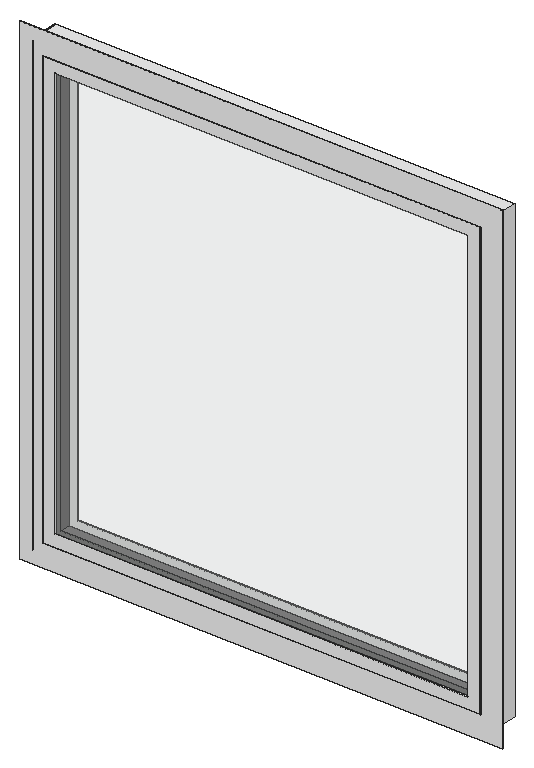
Revit family "Casement_34_C_Top_Hung_Standard", category Windows, host Wall, Revit 2014
Parameters (values of type "Casement_Sash_DG")
  Width Sash [instance] = 30 mm
  Width Sash Inner = 15 mm
  Width Bead = 15 mm
  Top Hung [instance] = yes
  Side Hung Right [instance] = yes
  Side Hung Left [instance] = yes
  Sash Opening Width [instance] = 600 mm
  Sash Opening Height [instance] = 600.312 mm
  Sash Lip = 15 mm
  Glazing Material [instance] = Glass
  DG Start Piece 2 [instance] = DG End Piece 1 + DG Gasket Thickness  # 25 mm
  DG Start Peice 1 [instance] = (Depth Sash - (2 * DG Glazing Thickness) - DG Gasket Thickness) / 2  # 6.6 mm
  Glazing Offset = 5 mm
  DG Glazing Thickness [instance] = 6.4 mm
  DG Gasket Thickness = 12 mm  # constant formula
  DG Gasket Material [instance] = Double Glazing Gasket Material
  DG End Piece 2 [instance] = DG Start Piece 2 + DG Glazing Thickness  # 31.4 mm
  DG End Piece 1 [instance] = DG Start Peice 1 + DG Glazing Thickness  # 13 mm
  Depth Sash [instance] = 38 mm
  Center Vertical Sash [instance] = Sash Opening Height / 2  # 300.156 mm
  Center Horizontal Sash [instance] = Sash Opening Width / 2  # 300 mm
  Bottom Hung [instance] = yes
  Bead Offset = 15 mm
  Aluminium Thickness = 1 mm
  Aluminium Material [instance] = White Powder Coated Aluminium
Reference planes
  plane 1 "Center (Front/Back)": y = 0
  plane 2: z = 0
  plane 3 "Center (Left/Right)": x = 0
Forms (mm)
  Sweep 1, solid, material "White Powder Coated Aluminium" <- "Aluminium Material"
    path origin (16.177, 0, 121.331) x (1, 0, 0) y (0, 0, 1)
      loop
        line (0, 0) -> (600, 0) -> (600, 600.312) -> (0, 600.312) -> (0, 0)
    profile origin (316.177, 0, 121.331) x (0, 0, 1) y (0, -1, 0)
      loop
        line (0, 0) -> (30, 0) -> (30, 1) -> (15, 1) -> (15, 38) -> (-15, 38) -> (-15, 37) -> (0, 37) -> (0, 0)
      loop
        line (14, 1) -> (14, 37) -> (1, 37) -> (1, 1) -> (14, 1)
  Sweep 2, solid, material "White Powder Coated Aluminium" <- "Aluminium Material"
    path origin (0, 0, 0) x (1, 0, 0) y (0, 0, 1)
      loop
        line (31.177, 706.643) -> (31.177, 136.331) -> (601.177, 136.331) -> (601.177, 706.643) -> (31.177, 706.643)
    profile origin (316.177, 0, 706.643) x (0, 0, 1) y (0, -1, 0)
      loop
        line (0, 37) -> (0, 38) -> (-15, 38) -> (-15, 37) -> (0, 37)
  Extrusion 3, solid, material "Glass" <- "Glazing Material"
    sketch origin (0, 0, 0) x (1, 0, 0) y (0, 0, 1)
      loop
        line (36.177, 701.643) -> (36.177, 141.331) -> (596.177, 141.331) -> (596.177, 701.643) -> (36.177, 701.643)
    from 6.6 <- "DG Start Peice 1" to 13 <- "DG End Piece 1"
  Extrusion 4, solid, material "Glass" <- "Glazing Material"
    sketch origin (0, 0, 0) x (1, 0, 0) y (0, 0, 1)
      loop
        line (36.177, 701.643) -> (36.177, 141.331) -> (596.177, 141.331) -> (596.177, 701.643) -> (36.177, 701.643)
    from 31.4 <- "DG End Piece 2" to 25 <- "DG Start Piece 2"
  Sweep 5, solid, material "Double Glazing Gasket Material" <- "DG Gasket Material"
    path origin (0, -13, 0) x (1, 0, 0) y (0, 0, 1)
      loop
        line (36.177, 701.643) -> (36.177, 141.331) -> (596.177, 141.331) -> (596.177, 701.643) -> (36.177, 701.643)
    profile origin (316.177, -13, 701.643) x (0, 0, 1) y (0, -1, 0)
      loop
        line (0, 0) -> (0, 12) -> (-7.96, 12) -> (-7.96, 0) -> (0, 0)
Lines and regions (mm)
  model lines
    curve 1: line (1.177, -38, 736.643) -> (31.177, -38, 706.643)
    curve 2: line (601.177, -38, 706.643) -> (631.177, -38, 736.643)
    curve 3: line (601.177, -38, 136.331) -> (631.177, -38, 106.331)
    curve 4: line (1.177, -38, 106.331) -> (31.177, -38, 136.331)
    curve 5: line (631.177, -37, 736.643) -> (616.177, -37, 721.643)
    curve 6: line (1.177, -37, 736.643) -> (16.177, -37, 721.643)
    curve 7: line (1.177, -37, 106.331) -> (16.177, -37, 121.331)
    curve 8: line (631.177, -37, 106.331) -> (616.177, -37, 121.331)
    curve 9: line (616.177, 0, 121.331) -> (586.177, 0, 151.331)
    curve 10: line (46.177, 0, 151.331) -> (16.177, 0, 121.331)
    curve 11: line (616.177, 0, 721.643) -> (586.177, 0, 691.643)
    curve 12: line (46.177, 0, 691.643) -> (16.177, 0, 721.643)
    curve 13: line (31.177, -38, 691.643) -> (46.177, -38, 691.643)
    curve 14: line (586.177, -38, 691.643) -> (601.177, -38, 691.643)
    curve 15: line (586.177, -38, 151.331) -> (601.177, -38, 151.331)
    curve 16: line (31.177, -38, 151.331) -> (46.177, -38, 151.331)
  model lines, style "GenericModelHiddenLines", visible <- "Top Hung"
    curve 17: line (46.386, -31.4, 690.914) -> (316.177, -31.4, 151.331)
    curve 18: line (316.177, -31.4, 151.331) -> (586.177, -31.4, 691.331)
  model lines, style "GenericModelHiddenLines", visible <- "Bottom Hung"
    curve 19: line (46.177, -31.4, 151.331) -> (316.177, -31.4, 691.331)
    curve 20: line (316.177, -31.4, 691.331) -> (586.177, -31.4, 151.331)
  model lines, style "GenericModelHiddenLines", visible <- "Side Hung Left"
    curve 21: line (46.386, -31.4, 690.914) -> (585.24, -31.4, 421.487)
    curve 22: line (585.24, -31.4, 421.487) -> (46.177, -31.4, 151.331)
  model lines, style "GenericModelHiddenLines", visible <- "Side Hung Right"
    curve 23: line (586.177, -31.4, 691.331) -> (46.177, -31.4, 421.487)
    curve 24: line (46.177, -31.4, 421.487) -> (586.177, -31.4, 151.331)
Dimensions and locks
  "Aluminium Thickness": Sweep 1 sketch curve to Sweep 1 sketch curve  (x4)
  "Depth Sash": Sweep 1 sketch curve to Sweep 1 sketch curve
  "Sash Opening Width": Sweep 1 to Sweep 1
  "Sash Opening Height": Sweep 1 to Sweep 1
  "Width Sash": Sweep 1 sketch curve to Sweep 1 sketch curve  (x2)
  "Width Sash Inner": Sweep 1 sketch curve to Sweep 1 sketch curve
  "Sash Lip": Sweep 1 sketch curve to Sweep 1 sketch curve
  "Aluminium Thickness": Sweep 1 to Sweep 2 sketch curve
  "Glazing Offset": Sweep 2 to Extrusion 3 sketch curve  (x3)
  "Glazing Offset": Extrusion 3 sketch curve to Sweep 2
  Sweep 1 to Sweep 1 = 1 mm
  "Aluminium Thickness": Sweep 2 sketch curve to Sweep 2 sketch curve
  "Width Bead": Sweep 2 sketch curve to Sweep 2 sketch curve
  locked: Sweep 5 sketch curve to Sweep 5 sketch curve at 7.96
  "Center Horizontal Sash": Sweep 1 to curve 18
  "Center Horizontal Sash": Sweep 1 to curve 20
  "Center Vertical Sash": Sweep 1 to curve 22
  "Center Vertical Sash": Sweep 1 to curve 24
  aligned and locked: level to plane 2
  aligned and locked: Sweep 1 sketch curve to Sweep 1 sketch curve  (x2)
  aligned and locked: Sweep 2 sketch curve to Sweep 1  (x5)
  aligned and locked: Extrusion 4 sketch curve to Extrusion 3  (x4)
  aligned and locked: Sweep 5 sketch curve to Extrusion 3  (x5)
  aligned and locked: Extrusion 3 to Sweep 5 sketch curve
Automatic sketch dimensions
  plane 3 "Center (Left/Right)" to Sweep 1 sketch curve = 16.177 mm
  level to Sweep 1 sketch curve = 121.331 mm
  plane 3 "Center (Left/Right)" to Sweep 1 sketch curve = 616.177 mm
  level to Sweep 1 sketch curve = 721.643 mm
  profile plane to Sweep 5 sketch curve = 12 mm
  curve 7 to Sweep 1 = 0 mm  (x4)
  curve 6 to Sweep 1 = 0 mm  (x3)
  Sweep 1 to curve 6 = 0 mm
  curve 5 to Sweep 1 = 0 mm  (x3)
  curve 8 to Sweep 1 = 0 mm  (x4)
  Sweep 1 to curve 5 = 0 mm
  curve 16 to Sweep 2 = 0 mm  (x3)
  curve 13 to Sweep 2 = 0 mm  (x3)
  curve 15 to Sweep 2 = 0 mm
  Sweep 2 to curve 15 = 0 mm  (x2)
  curve 14 to Sweep 2 = 0 mm  (x2)
  Sweep 2 to curve 14 = 0 mm
  curve 1 to Sweep 1 = 0 mm  (x4)
  curve 4 to Sweep 1 = 0 mm  (x3)
  Sweep 1 to curve 4 = 0 mm
  curve 3 to Sweep 1 = 0 mm  (x3)
  curve 2 to Sweep 1 = 0 mm  (x4)
  Sweep 1 to curve 3 = 0 mm
  curve 10 to Sweep 1 = 0 mm  (x4)
  curve 12 to Sweep 1 = 0 mm  (x3)
  Sweep 1 to curve 12 = 0 mm
  curve 9 to Sweep 1 = 0 mm  (x4)
  curve 11 to Sweep 1 = 0 mm  (x3)
  Sweep 1 to curve 11 = 0 mm
  Sweep 1 sketch curve to plane 1 "Center (Front/Back)" = 0 mm
  profile plane to Sweep 1 sketch curve = 0 mm
  curve 21 to Extrusion 4 = 10.208 mm
  curve 19 to Extrusion 4 = 10 mm
  curve 23 to Extrusion 4 = 10 mm  (x2)
  curve 22 to Extrusion 4 = 10.937 mm
  curve 20 to Extrusion 4 = 10 mm
  curve 24 to Extrusion 4 = 10 mm
  curve 22 to Extrusion 4 = 10 mm
  curve 18 to Extrusion 4 = 10 mm
  curve 21 to Extrusion 4 = 10.729 mm
  curve 19 to Extrusion 4 = 10.312 mm
  curve 18 to Extrusion 4 = 10.312 mm
Types in the file's own list only (6): name | Windload Design | Width Sash Right Opening | Width Sash Right | Width Sash Left Opening | Width Sash Left | Width Profile | Width Fixed Panel Center | Width | URL | Offset Window Exterior | Offset Mullion Right Side | Max System DG Unit Thickness | Max System DG One Piece Thickness | Max Pane Area | Limit Fixed Pane Width Max | Intruderprufe U Value | Intruderprufe SHGC Value | Intruderprufe LowE U Value | Intruderprufe LowE SHGC Value | Height Sash Opening | Height | Energy Advantage U Value | Energy Advantage SHGC Value | DG Thickness Calc | Custom Window Width | Custom Window Height | Window Exterior Offset | Custom Windload | Custom Sash Right Width | Custom Sash Left Width | Sash Height | Sash Spacing Inner | Sash Overlap | Sash Center Offset | SG Gasket Thickness | Offset Sash Side | Offset Sash Top | Offset Fixed Panel Left | Offset Mullion Left Side | Offset Bead Center Reversed | Model | Manufacturer | Limit Window Width Min | Limit Window Width Max | Limit Window Height Min | Limit Window Height Max | Limit Sash Width Min | Limit Sash Width Max | Limit Sash Height Min | Limit Sash Height Max | Limit Fixed Pane Width Min | Length Mullion | Height Sash | Height Fixed Panel Center | Description | Depth Mullion | Frame Center Offset | Depth Bead | Default Sill Height | Wall Closure | DG Gasket Finish | DG Extrusion Start | Mullion Depth Windload Based | Clearvue U Value | Clearvue SHGC Value | Clearvue Insulated U Value | Clearvue Insulated SHGC Value | Clearvue Insulated LowE U Value | Clearvue Insulated LowE SHGC Value | Casement Dimension | Bottom Hung | Bead SG Gap | Area Pane Right | Area Pane Middle | Area Pane Left
  34-1806TT-1000Pa | 1000 mm | 524 mm | 554 mm | 524 mm | 554 mm | 30 mm | 590 mm | 1790 mm | "http://www.crealco.co.za/crealco-products.php" | 17 mm | 570 mm | 20 mm | 4 mm | 0.30 m² | 1500 mm | 6.1 | 0.534 | 4.63 | 0.476 | 544 mm | 590 mm | 4.82 | 0.508 | 4 mm | 1790 mm | 590 mm | 0 mm | 1000 mm | 554 mm | 554 mm | 545 mm | 8 mm | 7 mm | 14 mm | 6 mm | 23 mm | 23 mm | 600 mm | 570 mm | 17 mm | "Casement 34" | "Crealco" | 1400 mm | 2700 mm | 346 mm | 946 mm | 300 mm | 1200 mm | 300 mm | 900 mm | 200 mm | 590 mm | 514 mm | 530 mm | "Window 34mm, Type C top hung" | 35 mm | 17 mm | 20 mm | 800 mm | By host | Double Glazing Gasket Material | 7 mm | 35 mm | 6.15 | 0.566 | 4.29 | 0.504 | 3.72 | 0.459 | 34 mm | No | 13 mm | 0.22 m² | 0.30 m² | 0.22 m²
  34-1806TT-1500Pa | 1500 mm | 524 mm | 554 mm | 524 mm | 554 mm | 30 mm | 590 mm | 1790 mm | "http://www.crealco.co.za/crealco-products.php" | 17 mm | 570 mm | 20 mm | 4 mm | 0.30 m² | 1500 mm | 6.1 | 0.534 | 4.63 | 0.476 | 544 mm | 590 mm | 4.82 | 0.508 | 4 mm | 1790 mm | 590 mm | 0 mm | 1500 mm | 554 mm | 554 mm | 545 mm | 8 mm | 7 mm | 14 mm | 6 mm | 23 mm | 23 mm | 600 mm | 570 mm | 17 mm | "Casement 34" | "Crealco" | 1400 mm | 2700 mm | 346 mm | 946 mm | 300 mm | 1200 mm | 300 mm | 900 mm | 200 mm | 590 mm | 514 mm | 530 mm | "Window 34mm, Type C top hung" | 35 mm | 17 mm | 20 mm | 800 mm | By host | Double Glazing Gasket Material | 7 mm | 35 mm | 6.15 | 0.566 | 4.29 | 0.504 | 3.72 | 0.459 | 34 mm | No | 13 mm | 0.22 m² | 0.30 m² | 0.22 m²
  34-1806TT-2000Pa | 2000 mm | 524 mm | 554 mm | 524 mm | 554 mm | 30 mm | 590 mm | 1790 mm | "http://www.crealco.co.za/crealco-products.php" | 17 mm | 570 mm | 20 mm | 4 mm | 0.30 m² | 1500 mm | 6.1 | 0.534 | 4.63 | 0.476 | 544 mm | 590 mm | 4.82 | 0.508 | 4 mm | 1790 mm | 590 mm | 0 mm | 2000 mm | 554 mm | 554 mm | 545 mm | 8 mm | 7 mm | 14 mm | 6 mm | 23 mm | 23 mm | 600 mm | 570 mm | 17 mm | "Casement 34" | "Crealco" | 1400 mm | 2700 mm | 346 mm | 946 mm | 300 mm | 1200 mm | 300 mm | 900 mm | 200 mm | 590 mm | 514 mm | 530 mm | "Window 34mm, Type C top hung" | 35 mm | 17 mm | 20 mm | 800 mm | By host | Double Glazing Gasket Material | 7 mm | 35 mm | 6.15 | 0.566 | 4.29 | 0.504 | 3.72 | 0.459 | 34 mm | No | 13 mm | 0.22 m² | 0.30 m² | 0.22 m²
  34-2406TT-1000Pa | 1000 mm | 524 mm | 554 mm | 524 mm | 554 mm | 30 mm | 1190 mm | 2390 mm | "http://www.crealco.co.za/crealco-products.php" | 17 mm | 570 mm | 20 mm | 4 mm | 0.61 m² | 1500 mm | 6.04 | 0.57 | 4.43 | 0.506 | 544 mm | 590 mm | 4.67 | 0.541 | 4 mm | 2390 mm | 590 mm | 0 mm | 1000 mm | 554 mm | 554 mm | 545 mm | 8 mm | 7 mm | 14 mm | 6 mm | 23 mm | 23 mm | 600 mm | 570 mm | 17 mm | "Casement 34" | "Crealco" | 1400 mm | 2700 mm | 346 mm | 946 mm | 300 mm | 1200 mm | 300 mm | 900 mm | 200 mm | 590 mm | 514 mm | 530 mm | "Window 34mm, Type C top hung" | 35 mm | 17 mm | 20 mm | 800 mm | By host | Double Glazing Gasket Material | 7 mm | 35 mm | 6.11 | 0.604 | 4.07 | 0.537 | 3.48 | 0.489 | 34 mm | No | 13 mm | 0.22 m² | 0.61 m² | 0.22 m²
  34-2406TT-1500Pa | 1500 mm | 524 mm | 554 mm | 524 mm | 554 mm | 30 mm | 1190 mm | 2390 mm | "http://www.crealco.co.za/crealco-products.php" | 17 mm | 570 mm | 20 mm | 4 mm | 0.61 m² | 1500 mm | 6.04 | 0.57 | 4.43 | 0.506 | 544 mm | 590 mm | 4.67 | 0.541 | 4 mm | 2390 mm | 590 mm | 0 mm | 1500 mm | 554 mm | 554 mm | 545 mm | 8 mm | 7 mm | 14 mm | 6 mm | 23 mm | 23 mm | 600 mm | 570 mm | 17 mm | "Casement 34" | "Crealco" | 1400 mm | 2700 mm | 346 mm | 946 mm | 300 mm | 1200 mm | 300 mm | 900 mm | 200 mm | 590 mm | 514 mm | 530 mm | "Window 34mm, Type C top hung" | 35 mm | 17 mm | 20 mm | 800 mm | By host | Double Glazing Gasket Material | 7 mm | 35 mm | 6.11 | 0.604 | 4.07 | 0.537 | 3.48 | 0.489 | 34 mm | No | 13 mm | 0.22 m² | 0.61 m² | 0.22 m²
  34-2406TT-2000Pa | 2000 mm | 524 mm | 554 mm | 524 mm | 554 mm | 30 mm | 1190 mm | 2390 mm | "http://www.crealco.co.za/crealco-products.php" | 17 mm | 570 mm | 20 mm | 4 mm | 0.61 m² | 1500 mm | 6.04 | 0.57 | 4.43 | 0.506 | 544 mm | 590 mm | 4.67 | 0.541 | 4 mm | 2390 mm | 590 mm | 0 mm | 2000 mm | 554 mm | 554 mm | 545 mm | 8 mm | 7 mm | 14 mm | 6 mm | 23 mm | 23 mm | 600 mm | 570 mm | 17 mm | "Casement 34" | "Crealco" | 1400 mm | 2700 mm | 346 mm | 946 mm | 300 mm | 1200 mm | 300 mm | 900 mm | 200 mm | 590 mm | 514 mm | 530 mm | "Window 34mm, Type C top hung" | 35 mm | 17 mm | 20 mm | 800 mm | By host | Double Glazing Gasket Material | 7 mm | 35 mm | 6.11 | 0.604 | 4.07 | 0.537 | 3.48 | 0.489 | 34 mm | No | 13 mm | 0.22 m² | 0.61 m² | 0.22 m²
